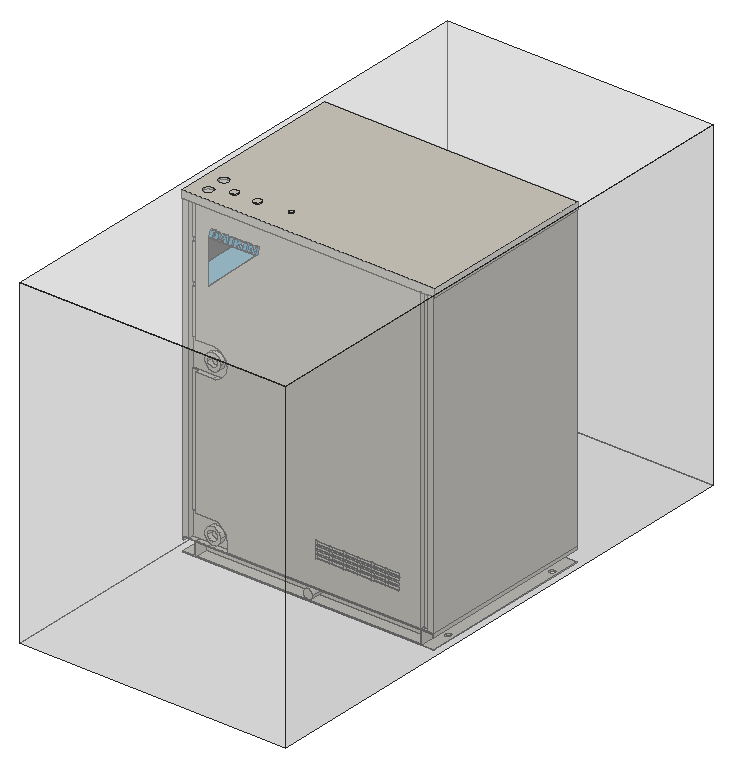
Revit family "outputfile", category 機械設備, Revit 2024
Family settings
  丸型コネクタ寸法 = 半径を使用
  種別 = なし
  パーツ タイプ = 標準
  OmniClass 番号 = 23.75.10.24.21.27.27
  OmniClass タイトル = Split System Air Conditioning Units
  作業面ベース = いいえ
  常に垂直 = はい
  ロード時にボイドで切り取り = いいえ
  注釈の向きを維持 = いいえ
  共有 = いいえ
  部屋計算ポイント = いいえ
Parameters (values of type "RWEYQ12TY14")
  製造元 = "Daikin"
  書き出し IFC クラス(タイプ) = "IfcUnitaryEquipmentType"
  定義済み IFC タイプ(タイプ) = "AIRCONDITIONINGUNIT"
  モデル = "RWEYQ12TY14"
  switch_unit1_6-8 = no
  switch_unit1_12 = yes
  switch_unit1_10 = no
  r_Water Outlet Pipe Connection_unit = Water Outlet Pipe Connection_Unit1 / 2  # 15.9 mm
  r_Water Inlet Pipe Connection_unit = Water Inlet Pipe Connection_Unit1 / 2  # 15.9 mm
  r_Drain Pipe Size = Drain Pipe Size / 2  # 6.35 mm
  lw_Water Outlet = 95.0 mm
  lw_Water Inlet = 95.0 mm
  lw_Drain = 390.0 mm
  angle_Drain [instance] = if(Rear Connection_Drain, 180.00°, 0.00°)  # 0.00°
  r_HP/LP Gas Pipe Size [instance] = [HP/LP Gas Pipe Size_Unit 1] / 2  # 11.1 mm
  lw_HP/LP Gas Pipe [instance] = if(Heat Pump, 178.0 mm, 107.0 mm)  # 178.0 mm
  ld_HP/LP Gas Pipe = 69.0 mm
  h_mountinghole = [h_***] + 2.3 mm  # 2.3 mm
  r_Liquid Pipe Size = Liquid Pipe Size_Unit 1 / 2  # 6.35 mm
  r_Gas Pipe Size = Gas Pipe Size_Unit 1 / 2  # 11.1 mm
  Water Outlet Pipe Connection_Unit1 = 31.8 mm
  Water Inlet Pipe Connection_Unit1 = 31.8 mm
  Voltage_comment_50Hz = "380-415"
  Voltage_50Hz = 400 V
  Top Connection_powersupply2 [instance] = not(Top Connection_powersupply1)  # no
  Sound Power Level (dB) = 72
  Rear Connection_Drain [instance] = not(Front Connection_Drain)  # no
  Power Input (Heating) = 7.870 kW
  Phase_50Hz = 3
  Nominal Heating Capacity = 37.500 kW
  Minimum Circuit Amps_50Hz = 13.6 A
  Maximum Fuse Amps_50Hz = 15.0 A
  Material_Heat Exchanger = DAIKIN_Blue_HE_outdoorunit
  Material_Casing = DAIKIN_IvoryWhite_Casing_outdoorunit
  lw_powersupply = 51.0 mm
  lw_liquidpipe = 274.0 mm
  lw_gaspipe [instance] = if(Heat Pump, 107.0 mm, 178.0 mm)  # 107.0 mm
  lh_powersupply = 940.0 mm
  ld_powersupply [instance] = if(Top Connection_powersupply1, 38.0 mm, 98.0 mm)  # 38.0 mm
  ld_liquidpipe = 79.0 mm
  ld_gaspipe = 69.0 mm
  h_*** = 0.0 mm
  Width = 780.0 mm
  Version = "ver.1.0"
  Unit Type = ""
  Unit Mass Weight = 147.00 kg
  Unit Designation [instance] = ""
  Uniclass2015Version = "Products v1.30"
  Uniclass2015Title = "Variable refrigerant flow units"
  Uniclass2015Code = "Pr_70_65_03_94"
  Total Cooling Capacity [instance] = 0.000 kW
  Sound Pressure Level (dBA) = 53
  Series = "VRV Heat Recovery"
  Refrigerant_Base Charge = 4.200 kg
  Refrigerant_Additional Charge [instance] = 0.000 kg
  Refrigerant Type = "R410A"
  Power Input (Cooling) = 7.330 kW
  Option Accessory 3 [instance] = ""
  Option Accessory 2 [instance] = ""
  Option Accessory 1 [instance] = ""
  Nominal Cooling Capacity = 33.500 kW
  Load Classification = HVAC
  Liquid Pipe Size_Unit 1 = 12.7 mm
  Link_Nested Family [instance] = ""
  IfcVersion = ""
  IfcExportType = "AIRCONDITIONINGUNIT"
  IfcExportAs = "IfcUnitaryEquipmentType"
  Height = 1000.0 mm
  Heat Recovery [instance] = not(Heat Pump)  # no
  Heat Pump [instance] = yes
  Heat Exchanger Type = "Stainless Steel Plate"
  HP/LP Gas Pipe Size_Unit 1 [instance] = if(and(Heat Pump, [switch_unit1_6-8]), 19.1 mm, if(and(Heat Pump, switch_unit1_10), 22.2 mm, if(and(Heat Pump, switch_unit1_12), 22.2 mm, if(and(Heat Recovery, [switch_unit1_6-8]), 15.9 mm, if(and(Heat Recovery, switch_unit1_10), 19.1 mm, if(and(Heat Recovery, switch_unit1_12), 19.1 mm, 19.1 mm))))))  # 22.2 mm
  Gas Pipe Size_Unit 1 = 22.2 mm
  Top Connection_powersupply1 [instance] = yes
  Front Connection_Drain [instance] = yes
  Frequency_50Hz = 50 Hz
  Drain Pipe Size = 12.7 mm
  Depth = 550.0 mm
  既定の高さ = 0.0 mm
  Cooling Ambient Wet Bulb Temperature [instance] = 0.00 °C
  Cooling Ambient Dry Bulb Temperature [instance] = 0.00 °C
  Compressor Type = "Hermetically Sealed Scroll Type"
  Clearance visibility [instance] = yes
  Clearance Top = 0.0 mm
  Clearance Right = 20.0 mm
  Clearance Rear = 500.0 mm
  Clearance Left = 20.0 mm
  Clearance Front = 600.0 mm
  Clearance Bottom = 0.0 mm
  CU Tag No. [instance] = ""
Reference planes
  plane 1 "Center (Front/Back)": y = 0
  plane 2 "h_***": z = 0
  plane 3 "Center (Left/Right)": x = 0
  plane 4 "Back": y = 275
  plane 5 "Front": y = -275
  plane 6 "Left": x = -390
  plane 7 "Right": x = 390
  plane 8 "Top": z = 1000
  plane 9 "Clearance Rear": y = 775
  plane 10 "Clearance Front": y = -875
  plane 11 "Clearance Left": x = -410
  plane 12 "Clearance Right": x = 410
  plane 13 "Clearance Top": z = 1000
  plane 14 "Clearance Bottom": z = 0
  plane 15 "Bottom": z = 0
  plane 16 "lw_powersupply": x = -339
  plane 17 "ld_powersupply": y = -237
  plane 18 "lw_liquidpipe": x = -116
  plane 19 "Rear Connection_refrigetant": y = -196
  plane 20 "lw_gaspipe": x = -283
  plane 21 "ld_gaspipe": y = -206
  plane 22 "lh_logo": z = 900
  plane 23 "lw_logo": x = 100
  plane 24 "lh_powersupply": z = 940
  plane 25 "lw_HP/LP Gas Pipe": x = -212
  plane 26 "ld_HP/LP Gas Pipe": y = -206
  plane 27 "lw_powersupply6": x = -295
  plane 28 "lw_powersupply7": x = -295
  plane 29 "lw_powersupply8": x = 0
Dimensions and locks
  equal spacing: plane 4 "Back", plane 1 "Center (Front/Back)", plane 5 "Front"
  "Depth": plane 4 "Back" to plane 5 "Front"
  equal spacing: plane 6 "Left", plane 3 "Center (Left/Right)", plane 7 "Right"
  "Width": plane 6 "Left" to plane 7 "Right"
  "Clearance Rear": plane 9 "Clearance Rear" to plane 4 "Back"
  "Clearance Front": plane 10 "Clearance Front" to plane 5 "Front"
  "Clearance Left": plane 11 "Clearance Left" to plane 6 "Left"
  "Clearance Right": plane 7 "Right" to plane 12 "Clearance Right"
  "Clearance Top": plane 13 "Clearance Top" to plane 8 "Top"
  "h_***": plane 15 "Bottom" to plane 2 "h_***"
  "Height": plane 8 "Top" to plane 15 "Bottom"
  "Clearance Bottom": plane 15 "Bottom" to plane 14 "Clearance Bottom"
  "ld_powersupply": plane 17 "ld_powersupply" to plane 5 "Front"
  "ld_liquidpipe": plane 19 "Rear Connection_refrigetant" to plane 5 "Front"
  "ld_gaspipe": plane 21 "ld_gaspipe" to plane 5 "Front"
  locked: plane 23 "lw_logo" to plane 7 "Right" at 290
  locked: plane 22 "lh_logo" to plane 15 "Bottom" at 900
  "lw_gaspipe": plane 6 "Left" to plane 20 "lw_gaspipe"
  "lw_liquidpipe": plane 6 "Left" to plane 18 "lw_liquidpipe"
  "lw_powersupply": plane 6 "Left" to plane 16 "lw_powersupply"
  "lh_powersupply": plane 24 "lh_powersupply" to plane 15 "Bottom"
  "lw_HP/LP Gas Pipe": plane 6 "Left" to plane 25 "lw_HP/LP Gas Pipe"
  "ld_HP/LP Gas Pipe": plane 26 "ld_HP/LP Gas Pipe" to plane 5 "Front"
  "lw_Water Inlet": plane 6 "Left" to plane 27 "lw_powersupply6"
  "lw_Water Outlet": plane 6 "Left" to plane 28 "lw_powersupply7"
  "lw_Drain": plane 6 "Left" to plane 29 "lw_powersupply8"
  aligned and locked: level to plane 2 "h_***"
  aligned and locked: plane 9 "Clearance Rear" to nested 2
  aligned and locked: nested 2 to plane 10 "Clearance Front"
  aligned and locked: plane 11 "Clearance Left" to nested 2
  aligned and locked: plane 12 "Clearance Right" to nested 2
  aligned and locked: plane 13 "Clearance Top" to nested 2
  aligned and locked: plane 14 "Clearance Bottom" to nested 2
  aligned and locked: plane 8 "Top" to nested 1
  aligned and locked: plane 22 "lh_logo" to nested 7
  aligned and locked: nested 8 to plane 16 "lw_powersupply"
  aligned and locked: nested 9 to plane 20 "lw_gaspipe"
  aligned and locked: nested 10 to plane 18 "lw_liquidpipe"
  aligned and locked: nested 10 to plane 19 "Rear Connection_refrigetant"
  aligned and locked: nested 9 to plane 21 "ld_gaspipe"
  aligned and locked: nested 8 to plane 17 "ld_powersupply"
  aligned and locked: plane 5 "Front" to nested 7
  aligned and locked: plane 24 "lh_powersupply" to nested 8
  aligned and locked: plane 1 "Center (Front/Back)" to nested 11
  aligned and locked: plane 1 "Center (Front/Back)" to nested 12
  aligned and locked: plane 1 "Center (Front/Back)" to nested 13
  aligned and locked: plane 27 "lw_powersupply6" to nested 11
  aligned and locked: plane 28 "lw_powersupply7" to nested 12
  aligned and locked: plane 29 "lw_powersupply8" to nested 13
  aligned and locked: plane 25 "lw_HP/LP Gas Pipe" to nested 14
  aligned and locked: nested 14 to plane 26 "ld_HP/LP Gas Pipe"
Nested families
  nested 1: "DAIKIN_outdoorunit_RWEYQ-TY14" at (-31, 0, 0), h_*** <- "h_***", Link_Nest <- "Link_Nested Family", h_mountinghole <- "h_mountinghole", Width <- "Width", type "RWEYQ-TY14"
    with show_fixedhole yes, h_mountinghole 2.3 mm, h_antenna_mountinghole 998.7 mm, h_*** 0.0 mm, array_bolt 5, Width 780.0 mm, Link_Nest "", switch_unit1_6-8 no, switch_unit1_12 yes, Liquid Pipe Size_Unit 1 12.7 mm, HP/LP Pipe Size_Unit 1 22.2 mm, Gas Pipe Size_Unit 1 22.2 mm
  nested 2: "daikin_clearancespace" at (0, -50, 500.119), visible <- "Clearance visibility", show <- "Clearance visibility", Link_Nested Family <- "Link_Nested Family", type "daikin_clearancespace"
    with width 820.0 mm, show yes, height 1000.0 mm, depth 1650.0 mm, Link_Nested Family ""
  nested 3: "daikin_mountinghole" at (-372, 200, 0), type "daikin_mountinghole"
    with show yes, l_antenna 998.7 mm, h_mountinghole 2.3 mm, Link_Nested Family ""
  nested 4: "daikin_mountinghole" at (372, 200, 0), type "daikin_mountinghole"
    with show yes, l_antenna 998.7 mm, h_mountinghole 2.3 mm, Link_Nested Family ""
  nested 5: "daikin_mountinghole" at (-372, -200, 0), type "daikin_mountinghole"
    with show yes, l_antenna 998.7 mm, h_mountinghole 2.3 mm, Link_Nested Family ""
  nested 6: "daikin_mountinghole" at (372, -200, 0), type "daikin_mountinghole"
    with show yes, l_antenna 998.7 mm, h_mountinghole 2.3 mm, Link_Nested Family ""
  nested 7: "daikin_logo_elevation_w150" at (-212.5, -275, 744.568), type "daikin_logo_elevation_w150"
    with show_logo yes
  nested 8: "daikin_connector_rotate3" at (-339, -237, 940) x (-1, 0, 0) z (0, 0, -1), type "daikin_connector_rotate3"
    with show no, radius 10.0 mm, length 60.0 mm, angle_vertical 0.00°, angle_horizontal 0.00°
  nested 9: "daikin_connector_rotate3" at (-283, -206, 940) x (-1, 0, 0) z (0, 0, -1), radius <- "r_Gas Pipe Size", type "daikin_connector_rotate3"
    with show no, radius 11.1 mm, length 60.0 mm, angle_vertical 0.00°, angle_horizontal 0.00°
  nested 10: "daikin_connector_rotate3" at (-116, -196, 940) x (-1, 0, 0) z (0, 0, -1), radius <- "r_Liquid Pipe Size", type "daikin_connector_rotate3"
    with show no, radius 6.35 mm, length 60.0 mm, angle_vertical 0.00°, angle_horizontal 0.00°
  nested 11: "daikin_connector_rotate3" at (-295, 0, 76), radius <- "r_Water Inlet Pipe Connection_unit", type "daikin_connector_rotate3"
    with show no, radius 15.9 mm, length 275.0 mm, angle_vertical 90.00°, angle_horizontal 0.00°
  nested 12: "daikin_connector_rotate3" at (-295, 0, 556), radius <- "r_Water Outlet Pipe Connection_unit", type "daikin_connector_rotate3"
    with show no, radius 15.9 mm, length 275.0 mm, angle_vertical 90.00°, angle_horizontal 0.00°
  nested 13: "daikin_connector_rotate3" at (0, 0, 19), angle_horizontal <- "angle_Drain", radius <- "r_Drain Pipe Size", type "daikin_connector_rotate3"
    with show no, radius 6.35 mm, length 275.0 mm, angle_vertical 90.00°, angle_horizontal 0.00°
  nested 14: "daikin_connector_rotate3" at (-212, -206, 940) x (1, 0, 0) z (0, 0, -1), radius <- "r_HP/LP Gas Pipe Size", type "daikin_connector_rotate3"
    with show no, radius 11.1 mm, length 60.0 mm, angle_vertical 0.00°, angle_horizontal 0.00°
Connectors
  piping at (-116, -196, 1000), diameter 12.7, driven by "r_Liquid Pipe Size"
    settings: on nested 10, index 12, connector inside diameter 609.6 mm, connector length 0.0 mm, flow factor 0, pipe flow 0.00 m³/h, pressure drop 0.0 Pa, fitting loss kfactor 0, connector angle 0.00°, fixture units 0, engagement length 0.0 mm, angle of deflection 0.00°, flow configuration 0, flow direction 2, fitting loss method 0, system type 29, joint type 0, gender type 0, connector reference index -1, connector utility 0, adjustable connector no, is connector primary no, connector description "Refrigerant Liquid Piping"
  electrical at (-339, -237, 1000), driven by "Load Classification"
    settings: on nested 8, index 13, voltage 0 V, apparent load 0 VA, apparent load phase1 0 VA, apparent load phase2 0 VA, apparent load phase3 0 VA, power factor 1, load classification "HVAC", number of poles 1, system type 30, power factor state 1, is connector primary yes, connector utility no, sub classification motor no, connector description "Power Supply"
  piping at (-295, -275, 556), diameter 31.8, driven by "r_Water Outlet Pipe Connection_unit"
    settings: on nested 12, index 15, connector inside diameter 609.6 mm, connector length 0.0 mm, flow factor 0, pipe flow 0.00 m³/h, pressure drop 0.0 Pa, fitting loss kfactor 0, connector angle 0.00°, fixture units 0, engagement length 0.0 mm, angle of deflection 0.00°, flow configuration 1, flow direction 2, fitting loss method 0, system type 8, joint type 0, gender type 0, connector reference index -1, connector utility 0, adjustable connector no, is connector primary no, connector description "Cooling Water Outlet Piping"
  piping at (-295, -275, 76), diameter 31.8, driven by "r_Water Inlet Pipe Connection_unit"
    settings: on nested 11, index 16, connector inside diameter 609.6 mm, connector length 0.0 mm, flow factor 0, pipe flow 0.00 m³/h, pressure drop 0.0 Pa, fitting loss kfactor 0, connector angle 0.00°, fixture units 0, engagement length 0.0 mm, angle of deflection 0.00°, flow configuration 1, flow direction 1, fitting loss method 0, system type 7, joint type 0, gender type 0, connector reference index -1, connector utility 0, adjustable connector no, is connector primary no, connector description "Cooling Water Inlet  Piping"
  piping at (0, -275, 19), diameter 12.7, driven by "r_Drain Pipe Size"
    settings: on nested 13, index 17, connector inside diameter 609.6 mm, connector length 0.0 mm, flow factor 0, pipe flow 0.00 m³/h, pressure drop 0.0 Pa, fitting loss kfactor 0, connector angle 0.00°, fixture units 0, engagement length 0.0 mm, angle of deflection 0.00°, flow configuration 1, flow direction 2, fitting loss method 4, system type 16, joint type 0, gender type 0, connector reference index -1, connector utility 0, adjustable connector no, is connector primary no, connector description "Condensate Drain Piping"
  piping at (-212, -206, 1000), diameter 22.2, driven by "r_HP/LP Gas Pipe Size"
    settings: on nested 14, index 19, connector inside diameter 609.6 mm, connector length 0.0 mm, flow factor 0, pipe flow 0.00 m³/h, pressure drop 0.0 Pa, fitting loss kfactor 0, connector angle 0.00°, fixture units 0, engagement length 0.0 mm, angle of deflection 0.00°, flow configuration 0, flow direction 0, fitting loss method 0, system type 29, joint type 0, gender type 0, connector reference index -1, connector utility 0, adjustable connector no, is connector primary no, connector description "Refrigerant HP/LP Gas Piping"
  piping at (-283, -206, 1000), diameter 22.2, driven by "r_Gas Pipe Size"
    settings: on nested 9, index 20, connector inside diameter 609.6 mm, connector length 0.0 mm, flow factor 0, pipe flow 0.00 m³/h, pressure drop 0.0 Pa, fitting loss kfactor 0, connector angle 0.00°, fixture units 0, engagement length 0.0 mm, angle of deflection 0.00°, flow configuration 0, flow direction 1, fitting loss method 0, system type 29, joint type 0, gender type 0, connector reference index -1, connector utility 0, adjustable connector no, is connector primary yes, connector description "Refrigerant Gas Piping"
Definition of nested family "DAIKIN_outdoorunit_RWEYQ-TY14"
  Parameters (values of type "RWEYQ-TY14")
    w_wiremesh_right = 668.0 mm  # constant formula
    w_wiremesh_left = 590.0 mm  # constant formula
    w_wiremesh_front = 248.0 mm  # constant formula
    switch_unit1_6-8 = yes
    switch_unit1_12 = no
    switch_unit1_10 = no
    show_fixedhole [instance] = yes
    material_heatexchanger = none
    material_casing = none
    ld_hole1_bottom = 154.0 mm  # constant formula
    h_wiremesh = 900.0 mm  # constant formula
    h_mountinghole [instance] = 2.3 mm
    h_antenna_mountinghole [instance] = Height + 1.0 mm - 2.3 mm  # 998.7 mm
    h_*** [instance] = 0.0 mm
    array_bolt [instance] = 5
    Width [instance] = 780.0 mm
    Liquid Pipe Size_Unit 1 = if([switch_unit1_6-8], 9.5 mm, if(switch_unit1_10, 9.5 mm, if(switch_unit1_12, 12.7 mm, 9.5 mm)))  # 9.5 mm
    Link_Nest [instance] = ""
    Height = 1000.0 mm
    Heat Recovery = not(Heat Pump)  # no
    Heat Pump = yes
    HP/LP Pipe Size_Unit 1_L = if(Heat Pump, 178.0 mm, 107.0 mm)  # 178.0 mm
    HP/LP Pipe Size_Unit 1 = if(Heat Recovery, if([switch_unit1_6-8], 15.9 mm, if(switch_unit1_10, 19.1 mm, if(switch_unit1_12, 19.1 mm, 15.9 mm))), if([switch_unit1_6-8], 19.1 mm, if(switch_unit1_10, 22.2 mm, if(switch_unit1_12, 22.2 mm, 19.1 mm))))  # 19.1 mm
    Gas Pipe Size_Unit 1_L = if(Heat Pump, 107.0 mm, 178.0 mm)  # 107.0 mm
    Gas Pipe Size_Unit 1_H = 60.0 mm  # constant formula
    Gas Pipe Size_Unit 1 = if([switch_unit1_6-8], 19.1 mm, if(switch_unit1_10, 22.2 mm, if(switch_unit1_12, 22.2 mm, 19.1 mm)))  # 19.1 mm
    Depth = 550.0 mm
    Default Elevation = 0.0 mm
  Reference planes
    plane 1 "Center (Front/Back)": y = 0
    plane 2 "reference_level": z = 0
    plane 3 "Center (Left/Right)": x = 31
    plane 4 "Bottom": z = 0
    plane 5: x = 421
    plane 6: x = -359
    plane 7 "Back": y = 275
    plane 8 "Front": y = -275
    plane 9: z = 1000
    plane 10: z = 976
    plane 11: y = -255
    plane 12: y = 255
    plane 13: x = -337
    plane 14: x = 399
    plane 15: x = -341
    plane 16: z = 45
    plane 17: x = 403
    plane 18: y = 200
    plane 19: y = -200
    plane 20: z = 1060
    plane 21: z = 19
    plane 22: z = 1000
    plane 23: z = 940
  Forms (mm)
    Extrusion 1, solid, material <- "material_heatexchanger"
      sketch origin (0, 0, 0) x (1, 0, 0) y (0, 1, 0)
        loop
          line (-337, 255) -> (-337, -255) -> (399, -255) -> (399, 255) -> (-337, 255)
      from 54 to 976
    Extrusion 2, void
      sketch origin (0, 350, 0) x (1, 0, 0) y (0, 1, 0)
        loop
          circle (-341, -150) r 8.5
        loop
          circle (403, -150) r 8.5
        loop
          circle (403, -550) r 8.5
        loop
          circle (-341, -550) r 8.5
      from 0 to 29.064
    Extrusion 3, solid, material <- "material_casing"
      sketch origin (620, -305, 0) x (-1, 0, 0) y (0, 0, 1)
        loop
          line (204.3, 35.061) -> (204.3, 42.7) -> (239.7, 42.7) -> (239.7, 2.3) -> (201, 2.3) -> (201, 0) -> (242, 0) -> (242, 45) -> (201, 45) -> (201, 35.061) -> (204.3, 35.061)
        loop
          line (973.7, 35.061) -> (977, 35.061) -> (977, 45) -> (936, 45) -> (936, 0) -> (977, 0) -> (977, 2.3) -> (938.3, 2.3) -> (938.3, 42.7) -> (973.7, 42.7) -> (973.7, 35.061)
      from 30 to 580
    Extrusion 4, solid, material <- "material_casing"
      sketch origin (31, 0, 0) x (0, 1, 0) y (0, 0, 1)
        loop
          line (-275, 45) -> (-275, 42.7) -> (-236.3, 42.7) -> (-236.3, 2.3) -> (-275, 2.3) -> (-275, 0) -> (-234, 0) -> (-234, 45) -> (-275, 45)
        loop
          line (275, 45) -> (234, 45) -> (234, 0) -> (275, 0) -> (275, 2.3) -> (236.3, 2.3) -> (236.3, 42.7) -> (275, 42.7) -> (275, 45)
      from -347 to 347
    Extrusion 5, solid, material <- "material_casing"
      sketch origin (0, 0, 0) x (1, 0, 0) y (0, 1, 0)
        loop
          circle (-85, -196) r 4.75
        loop
          circle (-181, -206) r 9.55
      from 940 to 1000
    Extrusion 6, solid, material <- "material_casing"
      sketch origin (-663.497, -190, 1200) x (-1, 0, 0) y (0, 0, 1)
        loop
          circle (-694.497, -1181) r 14
      from -85 to -46.3
    Extrusion 7, solid, material <- "material_casing"
      sketch origin (-663.497, 321.3, 1200) x (-1, 0, 0) y (0, 0, 1)
        loop
          circle (-694.497, -1181) r 14
      from -85 to -46.3
    Extrusion 8, solid, material <- "material_casing"
      sketch origin (0, -500, 0) x (1, 0, 0) y (0, 1, 0)
        loop
          circle (-252, 294) r 9.55
      from 940 to 1000
  Cuts and joins
    Extrusion 2 cuts Extrusion 3
  Dimensions and locks
    equal spacing: plane 6, plane 3 "Center (Left/Right)", plane 5
    "Width": plane 6 to plane 5
    locked: plane 9 to plane 10 at 24
    "Depth": plane 8 "Front" to plane 7 "Back"
    equal spacing: plane 7 "Back", plane 1 "Center (Front/Back)", plane 8 "Front"
    locked: plane 12 to plane 7 "Back" at 20
    locked: plane 11 to plane 8 "Front" at 20
    locked: plane 6 to plane 13 at 22
    locked: plane 14 to plane 5 at 22
    locked: plane 6 to plane 15 at 18
    "h_***": plane 4 "Bottom" to plane 2 "reference_level"
    locked: plane 16 to plane 4 "Bottom" at 45
    "Height": plane 9 to plane 4 "Bottom"
    locked: plane 5 to Extrusion 3 sketch curve at 2  (x2)
    locked: Extrusion 3 sketch curve to Extrusion 3 sketch curve at 41  (x2)
    locked: Extrusion 3 sketch curve to Extrusion 3 sketch curve at 3.3  (x2)
    locked: Extrusion 3 sketch curve to plane 6 at 2  (x2)
    locked: plane 8 "Front" to Extrusion 4 sketch curve at 41
    locked: Extrusion 4 sketch curve to plane 7 "Back" at 41
    locked: plane 17 to plane 5 at 18
    plane 19 to plane 8 "Front" = 75.0 mm
    locked: plane 18 to plane 7 "Back" at 75
    locked: Extrusion 5 sketch curve to plane 8 "Front" at 79
    locked: plane 6 to Extrusion 5 sketch curve at 274
    "HP/LP Pipe Size_Unit 1_L": plane 6 to Extrusion 5 sketch curve
    locked: Extrusion 5 sketch curve to plane 8 "Front" at 69
    locked: plane 20 to plane 9 at 60
    locked: plane 21 to plane 4 "Bottom" at 19
    "Gas Pipe Size_Unit 1_L": plane 6 to Extrusion 8 sketch curve
    locked: Extrusion 8 sketch curve to plane 8 "Front" at 69
    "Gas Pipe Size_Unit 1_H": plane 20 to plane 22
    plane 22 to plane 23 = 60.0 mm
    "HP/LP Pipe Size_Unit 1": diameter of Extrusion 5 sketch curve
    "Liquid Pipe Size_Unit 1": diameter of Extrusion 5 sketch curve
    "Gas Pipe Size_Unit 1": diameter of Extrusion 8 sketch curve
    aligned and locked: level to plane 2 "reference_level"
    aligned and locked: plane 12 to Extrusion 1 sketch curve
    aligned and locked: plane 11 to Extrusion 1 sketch curve
    aligned and locked: plane 13 to Extrusion 1 sketch curve
    aligned and locked: plane 14 to Extrusion 1 sketch curve
    aligned and locked: plane 10 to Extrusion 1
    aligned and locked: plane 11 to nested 1
    aligned and locked: plane 10 to nested 4
    aligned and locked: nested 5 to plane 9
    aligned and locked: plane 10 to nested 3
    aligned and locked: plane 10 to nested 2
    aligned and locked: plane 13 to nested 4
    aligned and locked: plane 14 to nested 2
    aligned and locked: plane 12 to nested 3
    aligned and locked: plane 15 to nested 7
    aligned and locked: plane 15 to nested 9
    aligned and locked: plane 8 "Front" to nested 5
    aligned and locked: plane 6 to nested 5
    aligned and locked: plane 10 to nested 1
    aligned and locked: plane 13 to nested 1
    aligned and locked: nested 2 to plane 1 "Center (Front/Back)"
    aligned and locked: nested 3 to plane 3 "Center (Left/Right)"
    aligned and locked: plane 1 "Center (Front/Back)" to nested 4
    aligned and locked: nested 6 to plane 3 "Center (Left/Right)"
    aligned and locked: plane 1 "Center (Front/Back)" to nested 6
    aligned and locked: plane 16 to Extrusion 3 sketch curve
    aligned and locked: Extrusion 3 sketch curve to plane 4 "Bottom"
    aligned and locked: Extrusion 3 sketch curve to plane 16
    aligned and locked: plane 4 "Bottom" to Extrusion 3 sketch curve
    aligned and locked: Extrusion 3 to plane 7 "Back"
    aligned and locked: Extrusion 3 to plane 8 "Front"
    aligned and locked: plane 8 "Front" to Extrusion 4 sketch curve  (x2)
    aligned and locked: plane 4 "Bottom" to Extrusion 4 sketch curve
    aligned and locked: Extrusion 4 sketch curve to plane 16
    aligned and locked: Extrusion 4 sketch curve to plane 7 "Back"  (x2)
    aligned and locked: plane 18 to Extrusion 2 sketch curve  (x2)
    aligned and locked: plane 15 to Extrusion 2 sketch curve  (x2)
    aligned and locked: plane 17 to Extrusion 2 sketch curve  (x2)
    aligned and locked: plane 17 to nested 8
    aligned and locked: plane 18 to nested 8
    aligned and locked: plane 18 to nested 7
    aligned and locked: nested 7 to plane 15
    aligned and locked: nested 9 to plane 19
    aligned and locked: nested 9 to plane 15
    aligned and locked: nested 10 to plane 19
    aligned and locked: plane 17 to nested 10
    aligned and locked: plane 19 to Extrusion 2 sketch curve  (x2)
    aligned and locked: plane 21 to Extrusion 6 sketch curve
    aligned and locked: plane 3 "Center (Left/Right)" to Extrusion 6 sketch curve
    aligned and locked: plane 22 to Extrusion 8
    aligned and locked: Extrusion 8 to plane 23
    aligned and locked: Extrusion 5 to plane 23
    aligned and locked: Extrusion 5 to plane 22
  Automatic sketch dimensions
    Extrusion 3 sketch curve to Extrusion 3 sketch curve = 2.3 mm  (x2)
    level to Extrusion 3 sketch curve = 2.3 mm  (x2)
    Extrusion 3 sketch curve to plane 16 = 9.939 mm  (x2)
    Extrusion 3 sketch curve to plane 16 = 2.3 mm  (x2)
    Extrusion 4 sketch curve to level = 0.0 mm
    Extrusion 4 sketch curve to plane 16 = 0.0 mm
    Extrusion 4 sketch curve to Extrusion 4 sketch curve = 2.3 mm  (x2)
    level to Extrusion 4 sketch curve = 2.3 mm  (x2)
    Extrusion 4 sketch curve to plane 16 = 2.3 mm  (x2)
    Extrusion 7 sketch curve to plane 3 "Center (Left/Right)" = 0.0 mm
    Extrusion 7 sketch curve to plane 21 = 0.0 mm
    radius of Extrusion 2 sketch curve = 8.5 mm  (x4)
    radius of Extrusion 6 sketch curve = 14.0 mm
    radius of Extrusion 7 sketch curve = 14.0 mm
  Nested families
    nested 1: "outdoorunit_frontpanel" at (-337, -265, 45), material <- "material_casing", type "frontpanel1"
      with material none
    nested 2: "outdoorunit_rightpanel1" at (409, -275, 45) x (0, 1, 0) z (0, 0, 1), material <- "material_casing", type "frontpanel1"
      with material none
    nested 3: "outdoorunit_backpanel" at (399, 265, 45) x (-1, 0, 0) z (0, 0, 1), material <- "material_casing", type "frontpanel1"
      with material none
    nested 4: "outdoorunit_leftpanel" at (-347, 275, 45) x (0, -1, 0) z (0, 0, 1), material <- "material_casing", type "frontpanel1"
      with material none
    nested 5: "outdoorunit_uppanel" at (-359, -275, 988) x (1, 0, 0) z (0, 1, 0), material <- "material_casing", type "frontpanel1"
      with material none
    nested 6: "outdoorunit_downpanel" at (399, 255, 56) x (-1, 0, 0) z (0, -1, 0), material <- "material_casing", type "frontpanel1"
      with material none
    nested 7: "daikin_mountinghole" at (-341, 200, 0), visible <- "show_fixedhole", Link_Nested Family <- "Link_Nest", l_antenna <- "h_antenna_mountinghole", h_mountinghole <- "h_mountinghole", type "daikin_mountinghole"
      with show yes, l_antenna 998.7 mm, h_mountinghole 2.3 mm, Link_Nested Family ""
    nested 8: "daikin_mountinghole" at (403, 200, 0), visible <- "show_fixedhole", Link_Nested Family <- "Link_Nest", l_antenna <- "h_antenna_mountinghole", h_mountinghole <- "h_mountinghole", type "daikin_mountinghole"
      with show yes, l_antenna 998.7 mm, h_mountinghole 2.3 mm, Link_Nested Family ""
    nested 9: "daikin_mountinghole" at (-341, -200, 0), visible <- "show_fixedhole", Link_Nested Family <- "Link_Nest", l_antenna <- "h_antenna_mountinghole", h_mountinghole <- "h_mountinghole", type "daikin_mountinghole"
      with show yes, l_antenna 998.7 mm, h_mountinghole 2.3 mm, Link_Nested Family ""
    nested 10: "daikin_mountinghole" at (403, -200, 0), visible <- "show_fixedhole", Link_Nested Family <- "Link_Nest", l_antenna <- "h_antenna_mountinghole", h_mountinghole <- "h_mountinghole", type "daikin_mountinghole"
      with show yes, l_antenna 998.7 mm, h_mountinghole 2.3 mm, Link_Nested Family ""
  Definition of nested family "outdoorunit_frontpanel"
    Parameters (values of type "frontpanel1")
      width = 736.0 mm
      material [instance] = none
      height1 = 931.0 mm
      depth = 20.0 mm
      Default Elevation = 0.0 mm
    Reference planes
      plane 1 "Center (Front/Back)": y = 0
      plane 2 "Bottom": z = 0
      plane 3: x = 0
      plane 4 "Back": y = 10
      plane 5 "Front": y = -10
      plane 6: x = 736
      plane 7 "Top": z = 931
      plane 8 "Left": x = 0
      plane 9 "Center L/S": y = 5
      plane 10 "Center L/T": y = -5
    Forms (mm)
      Extrusion 1, solid, material <- "material"
        sketch origin (0, 0, 0) x (1, 0, 0) y (0, 1, 0)
          loop
            line (0, 10) -> (0, -10) -> (736, -10) -> (736, 10) -> (0, 10)
        from 0 to 931
      Extrusion 2, void
        sketch origin (0, 0, 0) x (1, 0, 0) y (0, 0, 1)
          loop
            line (0, 931) -> (0, 0) -> (21, 0) -> (21, 931) -> (0, 931)
          loop
            line (736, 931) -> (715, 931) -> (715, 0) -> (736, 0) -> (736, 931)
        from 0 to 250
      Extrusion 3, void
        sketch origin (0, 0, 0) x (1, 0, 0) y (0, 0, 1)
          loop
            line (2, 931) -> (-33, 931) -> (-33, -14) -> (118, -14) -> (118, 31)
            arc (118, 31) -> (104.82, 62.82) -> (73, 76) r 45
            line (73, 76) -> (2, 76) -> (2, 466) -> (73, 466)
            arc (73, 466) -> (118, 511) -> (73, 556) r 45
            line (73, 556) -> (2, 556) -> (2, 692) -> (10.5, 692)
            arc (10.5, 692) -> (18, 699.5) -> (10.5, 707) r 7.5
            line (10.5, 707) -> (2, 707) -> (2, 817) -> (10.5, 817)
            arc (10.5, 817) -> (18, 824.5) -> (10.5, 832) r 7.5
            line (10.5, 832) -> (2, 832) -> (2, 931)
        from -5 to 250
      Extrusion 4, void
        sketch origin (0, 0, 0) x (1, 0, 0) y (0, 0, 1)
          loop
            line (734, 931) -> (734, 0) -> (972.161, 0) -> (972.161, 931) -> (734, 931)
        from -5 to 250
      Extrusion 5, solid, material <- "material"
        sketch origin (0, 0, 0) x (1, 0, 0) y (0, 0, 1)
          loop
            circle (73, 511) r 25
          loop
            circle (73, 511) r 15.5
          loop
            circle (73, 31) r 25
          loop
            circle (73, 31) r 15.5
        from -5 to 10
      Extrusion 6, void
        sketch origin (0, 0, 0) x (1, 0, 0) y (0, 0, 1)
          loop
            line (390.8, 131) -> (390.8, 118.75) -> (433.5, 118.75) -> (433.5, 131) -> (390.8, 131)
          loop
            line (390.8, 80) -> (433.5, 80) -> (433.5, 92.25) -> (390.8, 92.25) -> (390.8, 80)
          loop
            line (390.8, 117.75) -> (390.8, 106) -> (433.5, 106) -> (433.5, 117.75) -> (390.8, 117.75)
          loop
            line (390.8, 105) -> (390.8, 93.25) -> (433.5, 93.25) -> (433.5, 105) -> (390.8, 105)
          loop
            line (476.7, 131) -> (434.5, 131) -> (434.5, 118.75) -> (476.7, 118.75) -> (476.7, 131)
          loop
            line (434.5, 80) -> (476.7, 80) -> (476.7, 92.25) -> (434.5, 92.25) -> (434.5, 80)
          loop
            line (434.5, 117.75) -> (434.5, 106) -> (476.7, 106) -> (476.7, 117.75) -> (434.5, 117.75)
          loop
            line (434.5, 105) -> (434.5, 93.25) -> (476.7, 93.25) -> (476.7, 105) -> (434.5, 105)
          loop
            line (519.9, 131) -> (477.7, 131) -> (477.7, 118.75) -> (519.9, 118.75) -> (519.9, 131)
          loop
            line (477.7, 80) -> (519.9, 80) -> (519.9, 92.25) -> (477.7, 92.25) -> (477.7, 80)
          loop
            line (477.7, 117.75) -> (477.7, 106) -> (519.9, 106) -> (519.9, 117.75) -> (477.7, 117.75)
          loop
            line (477.7, 105) -> (477.7, 93.25) -> (519.9, 93.25) -> (519.9, 105) -> (477.7, 105)
          loop
            line (563.1, 131) -> (520.9, 131) -> (520.9, 118.75) -> (563.1, 118.75) -> (563.1, 131)
          loop
            line (520.9, 80) -> (563.1, 80) -> (563.1, 92.25) -> (520.9, 92.25) -> (520.9, 80)
          loop
            line (520.9, 117.75) -> (520.9, 106) -> (563.1, 106) -> (563.1, 117.75) -> (520.9, 117.75)
          loop
            line (520.9, 105) -> (520.9, 93.25) -> (563.1, 93.25) -> (563.1, 105) -> (520.9, 105)
          loop
            line (606.3, 131) -> (564.1, 131) -> (564.1, 118.75) -> (606.3, 118.75) -> (606.3, 131)
          loop
            line (564.1, 80) -> (606.3, 80) -> (606.3, 92.25) -> (564.1, 92.25) -> (564.1, 80)
          loop
            line (564.1, 117.75) -> (564.1, 106) -> (606.3, 106) -> (606.3, 117.75) -> (564.1, 117.75)
          loop
            line (564.1, 105) -> (564.1, 93.25) -> (606.3, 93.25) -> (606.3, 105) -> (564.1, 105)
          loop
            line (650, 131) -> (607.3, 131) -> (607.3, 118.75) -> (650, 118.75) -> (650, 131)
          loop
            line (607.3, 80) -> (650, 80) -> (650, 92.25) -> (607.3, 92.25) -> (607.3, 80)
          loop
            line (607.3, 117.75) -> (607.3, 106) -> (650, 106) -> (650, 117.75) -> (607.3, 117.75)
          loop
            line (607.3, 105) -> (607.3, 93.25) -> (650, 93.25) -> (650, 105) -> (607.3, 105)
        from 5 to 250
    Cuts and joins
      Extrusion 2, Extrusion 3, Extrusion 4, Extrusion 6 cuts Extrusion 1
    Dimensions and locks
      equal spacing: plane 4 "Back", plane 1 "Center (Front/Back)", plane 5 "Front"
      "depth": plane 4 "Back" to plane 5 "Front"
      "width": plane 8 "Left" to plane 6
      "height1": plane 7 "Top" to plane 2 "Bottom"
      locked: plane 8 "Left" to Extrusion 2 sketch curve at 21
      locked: Extrusion 2 sketch curve to plane 6 at 21
      locked: plane 9 "Center L/S" to plane 1 "Center (Front/Back)" at 5
      locked: Extrusion 3 sketch curve to Extrusion 3 sketch curve at 15  (x2)
      locked: plane 7 "Top" to Extrusion 3 sketch curve at 99
      locked: Extrusion 3 sketch curve to plane 8 "Left" at 10.5
      locked: Extrusion 3 sketch curve to Extrusion 3 sketch curve at 125
      locked: Extrusion 3 sketch curve to Extrusion 3 sketch curve at 90  (x2)
      locked: Extrusion 3 sketch curve to plane 8 "Left" at 73
      locked: Extrusion 3 sketch curve to Extrusion 3 sketch curve at 136
      locked: Extrusion 3 sketch curve to plane 2 "Bottom" at 76
      locked: Extrusion 3 sketch curve to Extrusion 3 sketch curve at 390
      locked: plane 6 to Extrusion 4 sketch curve at 2
      locked: plane 10 "Center L/T" to plane 1 "Center (Front/Back)" at 5
      aligned and locked: level to plane 2 "Bottom"
      aligned and locked: plane 8 "Left" to Extrusion 1 sketch curve
      aligned and locked: Extrusion 1 sketch curve to plane 4 "Back"
      aligned and locked: plane 5 "Front" to Extrusion 1 sketch curve
      aligned and locked: Extrusion 1 to plane 2 "Bottom"
      aligned and locked: plane 7 "Top" to Extrusion 1
      aligned and locked: plane 3 to plane 8 "Left"
      aligned and locked: plane 8 "Left" to Extrusion 2 sketch curve
      aligned and locked: Extrusion 2 sketch curve to plane 7 "Top"
      aligned and locked: plane 2 "Bottom" to Extrusion 2 sketch curve
      aligned and locked: Extrusion 2 sketch curve to plane 2 "Bottom"
      aligned and locked: plane 6 to Extrusion 2 sketch curve
      aligned and locked: plane 7 "Top" to Extrusion 2 sketch curve
      aligned and locked: Extrusion 2 to plane 1 "Center (Front/Back)"
      aligned and locked: plane 9 "Center L/S" to Extrusion 3
      aligned and locked: Extrusion 4 sketch curve to plane 7 "Top"
      aligned and locked: plane 2 "Bottom" to Extrusion 4 sketch curve
      aligned and locked: Extrusion 4 to plane 9 "Center L/S"
      aligned and locked: Extrusion 5 to plane 5 "Front"
      aligned and locked: plane 9 "Center L/S" to Extrusion 5
      aligned and locked: Extrusion 6 to plane 10 "Center L/T"
    Automatic sketch dimensions
      Extrusion 1 sketch curve to plane 6 = 0.0 mm
      Extrusion 3 sketch curve to plane 7 "Top" = 0.0 mm
      plane 3 to Extrusion 3 sketch curve = 2.0 mm  (x4)
      plane 3 to Extrusion 3 sketch curve = 10.5 mm
      Extrusion 3 sketch curve to Extrusion 3 sketch curve = 71.0 mm
      level to Extrusion 3 sketch curve = 31.0 mm
      Extrusion 3 sketch curve to plane 3 = 33.0 mm
      plane 6 to Extrusion 4 sketch curve = 236.161 mm
      Extrusion 5 sketch curve to Extrusion 5 sketch curve = 0.0 mm  (x4)
      plane 3 to Extrusion 5 sketch curve = 73.0 mm  (x2)
      level to Extrusion 5 sketch curve = 31.0 mm
      Extrusion 5 sketch curve to plane 7 "Top" = 420.0 mm
      level to Extrusion 6 sketch curve = 131.0 mm
      Extrusion 6 sketch curve to plane 6 = 345.2 mm
      Extrusion 6 sketch curve to Extrusion 6 sketch curve = 0.0 mm  (x40)
      Extrusion 6 sketch curve to Extrusion 6 sketch curve = 42.7 mm  (x2)
      Extrusion 6 sketch curve to Extrusion 6 sketch curve = 1.0 mm  (x32)
      Extrusion 6 sketch curve to Extrusion 6 sketch curve = 42.2 mm  (x4)
      Extrusion 6 sketch curve to Extrusion 6 sketch curve = 12.25 mm  (x7)
      Extrusion 6 sketch curve to Extrusion 6 sketch curve = 11.75 mm  (x9)
      radius of Extrusion 5 sketch curve = 25.0 mm  (x2)
      radius of Extrusion 5 sketch curve = 15.5 mm  (x2)
  Definition of nested family "outdoorunit_rightpanel1"
    Parameters (values of type "frontpanel1")
      width = 550.0 mm
      material [instance] = none
      height1 = 931.0 mm
      depth = 20.0 mm
      Default Elevation = 0.0 mm
    Reference planes
      plane 1 "Center (Front/Back)": y = 0
      plane 2 "Bottom": z = 0
      plane 3: x = 0
      plane 4 "Back": y = 10
      plane 5 "Front": y = -10
      plane 6: x = 550
      plane 7 "Top": z = 931
      plane 8 "Left": x = 0
      plane 9: y = -8.75
      plane 10: z = 639
      plane 11: y = -5.75
      plane 12: y = -2.551
      plane 13: y = -13
      plane 14: x = 275
    Forms (mm)
      Extrusion 1, solid, material <- "material"
        sketch origin (0, 0, 0) x (1, 0, 0) y (0, 1, 0)
          loop
            line (0, 10) -> (0, -10) -> (550, -10) -> (550, 10) -> (0, 10)
        from 0 to 931
    Dimensions and locks
      equal spacing: plane 4 "Back", plane 1 "Center (Front/Back)", plane 5 "Front"
      "depth": plane 4 "Back" to plane 5 "Front"
      "width": plane 8 "Left" to plane 6
      "height1": plane 7 "Top" to plane 2 "Bottom"
      locked: plane 10 to plane 2 "Bottom" at 639
      locked: plane 12 to plane 11 at 3.199
      plane 5 "Front" to plane 13 = 3.0 mm
      equal spacing: plane 8 "Left", plane 14, plane 6
      aligned and locked: level to plane 2 "Bottom"
      aligned and locked: plane 8 "Left" to Extrusion 1 sketch curve
      aligned and locked: Extrusion 1 sketch curve to plane 4 "Back"
      aligned and locked: plane 5 "Front" to Extrusion 1 sketch curve
      aligned and locked: Extrusion 1 to plane 2 "Bottom"
      aligned and locked: plane 7 "Top" to Extrusion 1
      aligned and locked: plane 3 to plane 8 "Left"
    Automatic sketch dimensions
      Extrusion 1 sketch curve to plane 6 = 0.0 mm
  Definition of nested family "outdoorunit_backpanel"
    Parameters (values of type "frontpanel1")
      width = 736.0 mm
      material [instance] = none
      height1 = 931.0 mm
      depth = 20.0 mm
      Default Elevation = 0.0 mm
    Reference planes
      plane 1 "Center (Front/Back)": y = 0
      plane 2 "Bottom": z = 0
      plane 3: x = 0
      plane 4 "Back": y = 10
      plane 5 "Front": y = -10
      plane 6: x = 736
      plane 7 "Top": z = 931
      plane 8 "Left": x = 0
      plane 9: z = 639
      plane 10: x = 368
    Forms (mm)
      Extrusion 1, solid, material <- "material"
        sketch origin (0, 0, 0) x (1, 0, 0) y (0, 1, 0)
          loop
            line (0, 10) -> (0, -10) -> (736, -10) -> (736, 10) -> (0, 10)
        from 0 to 931
      Extrusion 2, void
        sketch origin (0, 0, 0) x (1, 0, 0) y (0, 1, 0)
          loop
            line (0, -4) -> (0, -10) -> (21, -10) -> (21, -7) -> (2, -7) -> (2, -4) -> (0, -4)
          loop
            line (736, -4) -> (734, -4) -> (734, -7) -> (715, -7) -> (715, -10) -> (736, -10) -> (736, -4)
        from 0 to 931
    Cuts and joins
      Extrusion 2 cuts Extrusion 1
    Dimensions and locks
      equal spacing: plane 4 "Back", plane 1 "Center (Front/Back)", plane 5 "Front"
      "depth": plane 4 "Back" to plane 5 "Front"
      "width": plane 8 "Left" to plane 6
      "height1": plane 7 "Top" to plane 2 "Bottom"
      locked: plane 9 to plane 2 "Bottom" at 639
      equal spacing: plane 8 "Left", plane 10, plane 6
      aligned and locked: level to plane 2 "Bottom"
      aligned and locked: plane 8 "Left" to Extrusion 1 sketch curve
      aligned and locked: Extrusion 1 sketch curve to plane 4 "Back"
      aligned and locked: plane 5 "Front" to Extrusion 1 sketch curve
      aligned and locked: Extrusion 1 to plane 2 "Bottom"
      aligned and locked: plane 7 "Top" to Extrusion 1
      aligned and locked: plane 3 to plane 8 "Left"
    Automatic sketch dimensions
      Extrusion 1 sketch curve to plane 6 = 0.0 mm
      Extrusion 2 sketch curve to plane 3 = 0.0 mm
      Extrusion 2 sketch curve to plane 5 "Front" = 0.0 mm  (x2)
      Extrusion 2 sketch curve to plane 6 = 0.0 mm
      plane 3 to Extrusion 2 sketch curve = 2.0 mm
      Extrusion 2 sketch curve to Extrusion 2 sketch curve = 19.0 mm
      Extrusion 2 sketch curve to Extrusion 2 sketch curve = 21.0 mm
      Extrusion 2 sketch curve to plane 6 = 2.0 mm
      Extrusion 2 sketch curve to Extrusion 2 sketch curve = 3.0 mm  (x4)
  Definition of nested family "outdoorunit_leftpanel"
    Parameters (values of type "frontpanel1")
      width = 550.0 mm
      material [instance] = none
      height1 = 931.0 mm
      depth = 20.0 mm
      Default Elevation = 0.0 mm
    Reference planes
      plane 1 "Center (Front/Back)": y = 0
      plane 2 "Bottom": z = 0
      plane 3: x = 0
      plane 4 "Back": y = 10
      plane 5 "Front": y = -10
      plane 6: x = 550
      plane 7 "Top": z = 931
      plane 8 "Left": x = 0
      plane 9: y = -8.75
      plane 10: z = 639
      plane 11: y = -5.75
      plane 12: y = -2.551
      plane 13: y = -13
      plane 14: x = 275
    Forms (mm)
      Extrusion 1, solid, material <- "material"
        sketch origin (0, 0, 0) x (1, 0, 0) y (0, 1, 0)
          loop
            line (0, 10) -> (0, -10) -> (550, -10) -> (550, 10) -> (0, 10)
        from 0 to 931
    Dimensions and locks
      equal spacing: plane 4 "Back", plane 1 "Center (Front/Back)", plane 5 "Front"
      "depth": plane 4 "Back" to plane 5 "Front"
      "width": plane 8 "Left" to plane 6
      "height1": plane 7 "Top" to plane 2 "Bottom"
      locked: plane 10 to plane 2 "Bottom" at 639
      locked: plane 12 to plane 11 at 3.199
      plane 5 "Front" to plane 13 = 3.0 mm
      equal spacing: plane 8 "Left", plane 14, plane 6
      aligned and locked: level to plane 2 "Bottom"
      aligned and locked: plane 8 "Left" to Extrusion 1 sketch curve
      aligned and locked: Extrusion 1 sketch curve to plane 4 "Back"
      aligned and locked: plane 5 "Front" to Extrusion 1 sketch curve
      aligned and locked: Extrusion 1 to plane 2 "Bottom"
      aligned and locked: plane 7 "Top" to Extrusion 1
      aligned and locked: plane 3 to plane 8 "Left"
    Automatic sketch dimensions
      Extrusion 1 sketch curve to plane 6 = 0.0 mm
  Definition of nested family "outdoorunit_uppanel"
    Parameters (values of type "frontpanel1")
      width = 780.0 mm
      material [instance] = none
      height1 = 550.0 mm
      depth = 24.0 mm
      Default Elevation = 0.0 mm
    Reference planes
      plane 1 "Center (Front/Back)": y = 0
      plane 2 "Bottom": z = 0
      plane 3: x = 0
      plane 4 "Back": y = 12
      plane 5 "Front": y = -12
      plane 6: x = 780
      plane 7 "Top": z = 550
      plane 8 "Left": x = 0
      plane 9: y = -8.75
      plane 10: z = 639
      plane 11: y = -5.75
      plane 12: y = -2.551
    Forms (mm)
      Extrusion 1, solid, material <- "material"
        sketch origin (0, 0, 0) x (1, 0, 0) y (0, 1, 0)
          loop
            line (0, 12) -> (0, -12) -> (780, -12) -> (780, 12) -> (0, 12)
        from 0 to 550
      Extrusion 2, void
        sketch origin (0, 0, 0) x (1, 0, 0) y (0, 0, 1)
          loop
            circle (51, 38) r 14.5
          loop
            circle (51, 98) r 14.5
        from 9 to 12
    Cuts and joins
      Extrusion 2 cuts Extrusion 1
    Dimensions and locks
      equal spacing: plane 4 "Back", plane 1 "Center (Front/Back)", plane 5 "Front"
      "depth": plane 4 "Back" to plane 5 "Front"
      "width": plane 8 "Left" to plane 6
      "height1": plane 7 "Top" to plane 2 "Bottom"
      locked: plane 10 to plane 2 "Bottom" at 639
      locked: Extrusion 2 sketch curve to plane 8 "Left" at 51  (x2)
      locked: Extrusion 2 sketch curve to level at 38
      locked: Extrusion 2 sketch curve to Extrusion 2 sketch curve at 60
      aligned and locked: level to plane 2 "Bottom"
      aligned and locked: plane 8 "Left" to Extrusion 1 sketch curve
      aligned and locked: Extrusion 1 sketch curve to plane 4 "Back"
      aligned and locked: Extrusion 1 sketch curve to plane 5 "Front"
      aligned and locked: Extrusion 1 to plane 2 "Bottom"
      aligned and locked: plane 7 "Top" to Extrusion 1
      aligned and locked: plane 3 to plane 8 "Left"
    Automatic sketch dimensions
      Extrusion 1 sketch curve to plane 6 = 0.0 mm
      radius of Extrusion 2 sketch curve = 14.5 mm  (x2)
  Definition of nested family "outdoorunit_downpanel"
    Parameters (values of type "frontpanel1")
      width = 736.0 mm
      material [instance] = none
      height1 = 510.0 mm
      depth = 20.0 mm
      Default Elevation = 0.0 mm
    Reference planes
      plane 1 "Center (Front/Back)": y = 0
      plane 2 "Bottom": z = 0
      plane 3: x = 0
      plane 4 "Back": y = 10
      plane 5 "Front": y = -10
      plane 6: x = 736
      plane 7 "Top": z = 510
      plane 8 "Left": x = 0
      plane 9: z = 255
      plane 10: y = -18
      plane 11: y = 6
      plane 12: y = 8
      plane 13: x = 368
    Forms (mm)
      Extrusion 1, solid, material <- "material"
        sketch origin (0, 0, 0) x (1, 0, 0) y (0, 1, 0)
          loop
            line (0, 10) -> (0, -10) -> (736, -10) -> (736, 10) -> (0, 10)
        from 0 to 510
    Dimensions and locks
      equal spacing: plane 4 "Back", plane 1 "Center (Front/Back)", plane 5 "Front"
      "depth": plane 4 "Back" to plane 5 "Front"
      "width": plane 8 "Left" to plane 6
      "height1": plane 7 "Top" to plane 2 "Bottom"
      plane 4 "Back" to plane 11 = 4.0 mm
      plane 4 "Back" to plane 12 = 2.0 mm
      equal spacing: plane 8 "Left", plane 13, plane 6
      equal spacing: plane 7 "Top", plane 9, plane 2 "Bottom"
      aligned and locked: level to plane 2 "Bottom"
      aligned and locked: plane 8 "Left" to Extrusion 1 sketch curve
      aligned and locked: Extrusion 1 sketch curve to plane 4 "Back"
      aligned and locked: plane 5 "Front" to Extrusion 1 sketch curve
      aligned and locked: Extrusion 1 to plane 2 "Bottom"
      aligned and locked: plane 7 "Top" to Extrusion 1
      aligned and locked: plane 3 to plane 8 "Left"
    Automatic sketch dimensions
      Extrusion 1 sketch curve to plane 6 = 0.0 mm
  Definition of nested family "daikin_mountinghole"
    Parameters (values of type "daikin_mountinghole")
      Default Elevation = 1219.2 mm
      Type Comments = "mountinghole"
      show [instance] = yes
      material = none
      l_centerline = 100.0 mm
      l_antenna [instance] = 100.0 mm
      h_mountinghole [instance] = 0.0 mm
      d_circle = 30.0 mm
      Link_Nested Family [instance] = ""
    Reference planes
      plane 1 "Center (Front/Back)": y = 0
      plane 2: z = 0
      plane 3 "Center (Left/Right)": x = 0
      plane 4: y = 50
      plane 5: x = -50
      plane 6: x = 50
      plane 7: y = -50
      plane 8 "h_mountinghole": z = 0
      plane 9: z = 100
    Lines and regions (mm)
      model lines, detail levels fine
        curve 1: circle (0, 0, 0) r 15 normal (0, 0, 1)
        curve 2: line (-50, 0, 0) -> (50, 0, 0)
        curve 3: line (0, 50, 0) -> (0, -50, 0)
      symbolic lines, detail levels fine
        curve 4: circle (0, 0, 0) r 15 normal (0, 0, 1)
        curve 5: line (-50, 0, 0) -> (50, 0, 0)
        curve 6: line (0, 50, 0) -> (0, -50, 0)
      model lines
        curve 7: line (0, 0, 100) -> (0, 0, 0)
    Dimensions and locks
      equal spacing: plane 4, plane 1 "Center (Front/Back)", plane 7
      "l_centerline": plane 4 to plane 7
      equal spacing: plane 5, plane 3 "Center (Left/Right)", plane 6
      "l_centerline": plane 5 to plane 6
      "l_antenna": plane 9 to plane 8 "h_mountinghole"
      "h_mountinghole": plane 8 "h_mountinghole" to plane 2
      "d_circle": diameter of curve 1
      "d_circle": diameter of curve 4
      aligned and locked: level to plane 2
      aligned and locked: plane 1 "Center (Front/Back)" to curve 1
      aligned and locked: plane 3 "Center (Left/Right)" to curve 1
      aligned and locked: plane 1 "Center (Front/Back)" to curve 2
      aligned and locked: curve 3 to plane 3 "Center (Left/Right)"
      aligned and locked: plane 6 to curve 2
      aligned and locked: plane 5 to curve 2
      aligned and locked: plane 4 to curve 3
      aligned and locked: plane 7 to curve 3
      aligned and locked: plane 1 "Center (Front/Back)" to curve 4
      aligned and locked: plane 3 "Center (Left/Right)" to curve 4
      aligned and locked: plane 6 to curve 5
      aligned and locked: plane 5 to curve 5
      aligned and locked: plane 1 "Center (Front/Back)" to curve 5
      aligned and locked: plane 4 to curve 6
      aligned and locked: plane 7 to curve 6
      aligned and locked: curve 6 to plane 3 "Center (Left/Right)"
      aligned and locked: curve 7 to plane 3 "Center (Left/Right)"
      aligned and locked: plane 9 to curve 7
      aligned and locked: plane 8 "h_mountinghole" to curve 7
Definition of nested family "daikin_clearancespace"
  Parameters (values of type "daikin_clearancespace")
    Description = "daikin_clearancespace"
    width [instance] = 1823.963 mm
    show [instance] = yes
    material = none
    height [instance] = 1359.762 mm
    depth [instance] = 880.0 mm
    Default Elevation = 0.0 mm
    Link_Nested Family [instance] = ""
  Reference planes
    plane 1 "Center (Front/Back)": y = 0
    plane 2 "Center (Elevation)": z = -0.119
    plane 3 "Center (Left/Right)": x = 0
    plane 4: y = 440
    plane 5: y = -440
    plane 6 "Right": x = 911.982
    plane 7 "Left": x = -911.982
    plane 8 "Top": z = 679.762
    plane 9 "Bottom": z = -680
  Forms (mm)
    Extrusion 1, solid, material <- "material", visible <- "show"
      sketch origin (0, 0, 0) x (1, 0, 0) y (0, 1, 0)
        loop
          line (-911.982, 440) -> (-911.982, -440) -> (911.982, -440) -> (911.982, 440) -> (-911.982, 440)
      from -680 to 679.762
  Lines and regions (mm)
    symbolic lines, visible <- "show"
      curve 1: line (911.982, 440, 0) -> (-911.982, 440, 0)
      curve 2: line (-911.982, 440, 0) -> (-911.982, -440, 0)
      curve 3: line (-911.982, -440, 0) -> (911.982, -440, 0)
      curve 4: line (911.982, -440, 0) -> (911.982, 440, 0)
      curve 5: line (911.982, 0, 679.762) -> (-911.982, 0, 679.762)
      curve 6: line (911.982, 0, -680) -> (911.982, 0, 679.762)
      curve 7: line (-911.982, 0, -680) -> (911.982, 0, -680)
      curve 8: line (-911.982, 0, 679.762) -> (-911.982, 0, -680)
      curve 9: line (0, 440, 679.762) -> (0, -440, 679.762)
      curve 10: line (0, -440, 679.762) -> (0, -440, -680)
      curve 11: line (0, 440, -680) -> (0, 440, 679.762)
      curve 12: line (0, -440, -680) -> (0, 440, -680)
  Dimensions and locks
    "width": plane 7 "Left" to plane 6 "Right"
    "depth": plane 4 to plane 5
    "height": plane 8 "Top" to plane 9 "Bottom"
    equal spacing: plane 7 "Left", plane 3 "Center (Left/Right)", plane 6 "Right"
    equal spacing: plane 4, plane 1 "Center (Front/Back)", plane 5
    equal spacing: plane 8 "Top", plane 2 "Center (Elevation)", plane 9 "Bottom"
    aligned and locked: level to plane 2 "Center (Elevation)"
    aligned and locked: Extrusion 1 sketch curve to plane 4
    aligned and locked: plane 7 "Left" to Extrusion 1 sketch curve
    aligned and locked: Extrusion 1 sketch curve to plane 5
    aligned and locked: Extrusion 1 sketch curve to plane 6 "Right"
    aligned and locked: plane 8 "Top" to Extrusion 1
    aligned and locked: curve 1 to Extrusion 1
    aligned and locked: curve 2 to Extrusion 1
    aligned and locked: curve 3 to Extrusion 1
    aligned and locked: curve 4 to Extrusion 1
    aligned and locked: curve 5 to Extrusion 1
    aligned and locked: curve 6 to Extrusion 1
    aligned and locked: curve 7 to Extrusion 1
    aligned and locked: curve 8 to Extrusion 1
    aligned and locked: curve 9 to Extrusion 1
    aligned and locked: curve 10 to Extrusion 1
    aligned and locked: curve 11 to Extrusion 1
    aligned and locked: curve 12 to Extrusion 1
    aligned and locked: Extrusion 1 to plane 9 "Bottom"
Definition of nested family "daikin_logo_elevation_w150"
  Parameters (values of type "daikin_logo_elevation_w150")
    width = 150.0 mm
    show_logo [instance] = yes
    material = none
    height = 180.0 mm
    depth = 5.0 mm
    Default Elevation = 0.0 mm
  Reference planes
    plane 1 "Center (Front/Back)": y = 0
    plane 2: z = 0
    plane 3 "Center (Left/Right)": x = 0
    plane 4 "top": z = 180
    plane 5: z = 155.432
    plane 6 "left": x = -90
    plane 7 "right": x = 60
    plane 8: y = -5
  Forms (mm)
    Extrusion 1, solid, visible <- "show_logo"
      sketch origin (0, 0, 0) x (1, 0, 0) y (0, 0, 1)
        loop
          line (-90, 22.832) -> (54.211, 155.432) -> (-19.804, 155.432) -> (-90, 91.131) -> (-90, 22.832)
      from 0 to 5
    Extrusion 2, solid, visible <- "show_logo"
      sketch origin (0, 0, 0) x (1, 0, 0) y (0, 0, 1)
        loop
          line (-90, 155.432) -> (-90, 91.131) -> (-19.804, 155.432) -> (-90, 155.432)
      from 0 to 5
    Extrusion 3, solid, visible <- "show_logo"
      sketch origin (0, 0, 0) x (1, 0, 0) y (0, 0, 1)
        loop
          line (-73.294, 180) -> (-84.431, 180) -> (-90, 157.726) -> (-73.294, 157.726)
          arc (-73.294, 157.726) -> (-66.673, 159.069) -> (-61.582, 163.51) r 13.209
          arc (-61.582, 163.51) -> (-59.344, 169.288) -> (-60.109, 175.436) r 12.685
          arc (-60.109, 175.436) -> (-61.683, 177.678) -> (-64.031, 179.088) r 6.606
          arc (-64.031, 179.088) -> (-68.629, 179.878) -> (-73.294, 180) r 32.396
        loop
          line (-78.863, 162.18) -> (-74.408, 162.18)
          arc (-74.408, 162.18) -> (-70.986, 164.473) -> (-69.002, 168.082) r 8.708
          arc (-69.002, 168.082) -> (-68.734, 170.84) -> (-69.386, 173.533) r 8.337
          arc (-69.386, 173.533) -> (-70.358, 174.487) -> (-71.624, 174.988) r 3.442
          line (-71.624, 174.988) -> (-76.078, 174.988) -> (-78.863, 162.18)
        loop
          line (-61.043, 157.726) -> (-54.918, 157.726) -> (-52.829, 161.624) -> (-44.059, 161.624) -> (-43.223, 157.726) -> (-33.2, 157.726) -> (-37.655, 180) -> (-48.792, 180) -> (-61.043, 157.726)
        loop
          line (-50.145, 166.635) -> (-45.133, 166.635) -> (-46.565, 173.318) -> (-50.145, 166.635)
        loop
          line (-24.847, 180) -> (-30.416, 157.726) -> (-20.949, 157.726) -> (-15.38, 180) -> (-24.847, 180)
        loop
          line (-15.38, 157.726) -> (-5.914, 157.726) -> (-4.4, 163.779) -> (0.212, 157.726) -> (11.906, 157.726) -> (2.996, 169.42) -> (15.804, 180) -> (5.78, 180) -> (-1.94, 173.623) -> (-0.345, 180) -> (-9.812, 180) -> (-15.38, 157.726)
        loop
          line (20.259, 180) -> (14.133, 157.726) -> (24.157, 157.726) -> (29.725, 180) -> (20.259, 180)
        loop
          line (29.725, 157.726) -> (36.408, 157.726) -> (39.555, 170.315) -> (43.647, 157.726) -> (54.784, 157.726) -> (60.353, 180) -> (53.671, 180) -> (50.281, 166.442) -> (45.874, 180) -> (35.294, 180) -> (29.725, 157.726)
      from 0 to 5
  Dimensions and locks
    "height": plane 4 "top" to plane 2
    locked: plane 4 "top" to plane 5 at 24.568
    "width": plane 6 "left" to plane 7 "right"
    "depth": plane 8 to plane 1 "Center (Front/Back)"
    aligned and locked: level to plane 2
    aligned and locked: plane 4 "top" to Extrusion 3  (x8)
    aligned and locked: plane 5 to Extrusion 1
    aligned and locked: plane 5 to Extrusion 2
    aligned and locked: plane 6 "left" to Extrusion 2
    aligned and locked: plane 6 "left" to Extrusion 1
    aligned and locked: Extrusion 3 to plane 8
    aligned and locked: Extrusion 1 to plane 8
    aligned and locked: Extrusion 2 to plane 8
  Automatic sketch dimensions
    level to Extrusion 1 sketch curve = 22.832 mm
    Extrusion 1 sketch curve to Extrusion 1 sketch curve = 68.298 mm
    Extrusion 1 sketch curve to plane 4 "top" = 24.568 mm
    Extrusion 1 sketch curve to plane 3 "Center (Left/Right)" = 19.804 mm
    Extrusion 2 sketch curve to plane 4 "top" = 24.568 mm
    Extrusion 2 sketch curve to plane 3 "Center (Left/Right)" = 19.804 mm
    Extrusion 2 sketch curve to Extrusion 2 sketch curve = 64.302 mm
    Extrusion 3 sketch curve to plane 4 "top" = 0.0 mm  (x8)
    Extrusion 3 sketch curve to plane 4 "top" = 0.912 mm
    Extrusion 3 sketch curve to Extrusion 3 sketch curve = 2.154 mm
    Extrusion 3 sketch curve to Extrusion 3 sketch curve = 6.245 mm
    Extrusion 3 sketch curve to plane 4 "top" = 4.564 mm
    Extrusion 3 sketch curve to Extrusion 3 sketch curve = 5.748 mm
    Extrusion 3 sketch curve to Extrusion 3 sketch curve = 2.001 mm
    Extrusion 3 sketch curve to Extrusion 3 sketch curve = 4.603 mm
    Extrusion 3 sketch curve to Extrusion 3 sketch curve = 0.59 mm
    Extrusion 3 sketch curve to Extrusion 3 sketch curve = 0.07 mm
    Extrusion 3 sketch curve to Extrusion 3 sketch curve = 1.49 mm
    Extrusion 3 sketch curve to plane 4 "top" = 5.012 mm
    Extrusion 3 sketch curve to Extrusion 3 sketch curve = 3.556 mm
    Extrusion 3 sketch curve to Extrusion 3 sketch curve = 5.569 mm  (x3)
    Extrusion 3 sketch curve to Extrusion 3 sketch curve = 0.309 mm
    Extrusion 3 sketch curve to Extrusion 3 sketch curve = 4.455 mm  (x4)
    Extrusion 3 sketch curve to Extrusion 3 sketch curve = 0.288 mm
    Extrusion 3 sketch curve to Extrusion 3 sketch curve = 0.689 mm
    Extrusion 3 sketch curve to Extrusion 3 sketch curve = 2.238 mm
    Extrusion 3 sketch curve to Extrusion 3 sketch curve = 4.528 mm
    Extrusion 3 sketch curve to Extrusion 3 sketch curve = 0.658 mm
    Extrusion 3 sketch curve to Extrusion 3 sketch curve = 2.931 mm
    Extrusion 3 sketch curve to Extrusion 3 sketch curve = 0.357 mm
    Extrusion 3 sketch curve to Extrusion 3 sketch curve = 0.101 mm
    Extrusion 3 sketch curve to Extrusion 3 sketch curve = 11.317 mm
    Extrusion 3 sketch curve to Extrusion 3 sketch curve = 0.539 mm
    Extrusion 3 sketch curve to Extrusion 3 sketch curve = 11.137 mm  (x2)
    Extrusion 3 sketch curve to Extrusion 3 sketch curve = 5.784 mm
    Extrusion 3 sketch curve to Extrusion 3 sketch curve = 10.024 mm  (x3)
    Extrusion 3 sketch curve to Extrusion 3 sketch curve = 0.835 mm
    Extrusion 3 sketch curve to Extrusion 3 sketch curve = 8.771 mm
    Extrusion 3 sketch curve to Extrusion 3 sketch curve = 2.088 mm
    Extrusion 3 sketch curve to Extrusion 3 sketch curve = 3.898 mm
